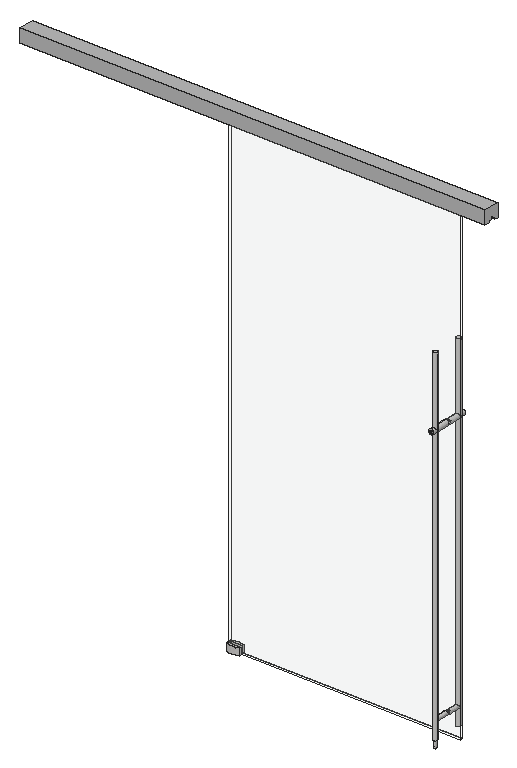
Revit family "Doors_Sliding_Avanti_Systems_Polaris-Auto-Magnetic-Slider_Single-Soffit-Mount-Sgl-Glazed", category Doors, Revit 2015
Parameters (values of type "Load Family Type Catalog")
  Youtube clip = ""
  Weight Net (Kg) = "0"
  Warranty = "1 year"  # constant formula
  Uniformat II Description = "Interior Doors"
  Uniformat II Code = "C1020"
  Uniclass 2015 Name = "Sliding door and partition sets"
  Uniclass 2015 Code = "Pr_30_59_24_80"
  Uniclass 2.0 Description = "Sliding Door And Partition Sets"
  Uniclass 2.0 Code = "PR-59-23-77"
  Uniclass 1.4 Description = "Doors"
  Uniclass 1.4 Code = "JL20"
  URL = "https://www.avantisystemsusa.com"
  UNSPSC Code = "30171501"
  Type = 1
  Thickness = if(Type = 1, 1/2", if(Type = 2, 3/8", if(Type = 3, 7/16", if(Type = 4, 9/16", 3/4"))))  # 1/2"
  Technical description = ""
  Stainless Steel Finish = "Yes"  # constant formula
  Sound Rating = 0
  Region South America = "All"
  Region Oceania = "All"
  Region North America = "All"
  Region Middle East = "All"
  Region Europe = "All"
  Region Asia = "All"
  Region Antarctica = "All"
  Region Africa = "All"
  Rail material [instance] = Polyester powder - Avanti - White aluminium METALLIC - RAL9006
  Rail Length [instance] = (Opening Width * 2) + 6 5/16"  # 80 5/16"
  QR code = "http://bimobject.com/avantisystems/product/avanti-polaris-auto-magnetic-slider"
  Product url = "https://www.avantisystemsusa.com/glass-products/doors/sliding-doors/automatic-doors/"
  Product group = "Automatic Doors"
  Product family = "Sliding Doors"
  Product data url = "https://bimobject.com/avantisystems/product/avanti-polaris-auto-magnetic-slider"
  Product certification = ""
  Product SKU = "avanti-polaris-auto-magnetic-slider"
  Product Guid = "5e847812-9909-4e74-9d64-870bde1c5a5f"
  Power = 110 V  # constant formula
  Opening Width [instance] = 37"
  OmniClass Description = "Sliding All Glass Doors"
  OmniClass Code = "23-17 11 23 13"
  Nominal width = 0"
  Nominal height = 0"
  NBS Reference Description = "Sliding Door And Partition Sets"
  NBS Reference Code = "59-23-77"
  Model = "Polaris™ Auto Magnetic Slider"  # constant formula
  Material secondary = "Aluminium"
  Material main = "Glass"
  Masterformat 2014 Description = "Sliding Aluminum-Framed Glass Doors"
  Masterformat 2014 Code = "08 32 13"
  Manufacturer name = "Avanti Systems"
  Manufacturer country = ""
  Manufacturer = "Avanti Systems USA"  # constant formula
  Lock = "Thumb turn floor lock with a key"
  Ladder Pull Height [instance] = 18"
  LEED compatibility = "LEED 2009 (v3): MRc3, MRc4, MRc5, MRc7, EQc4.2, EQc8.1 and EQc8.2. LEED v4: MRc1, MRc3, MRc4, MRc8, EQc2, EQc7 and EQc8."  # constant formula
  Installation instructions = ""
  IFC Classification = "Door"
  Hardware material [instance] = Stainless Steel - Avanti- Brushed Finish
  Handle type [instance] = Handle : 60" Ladder Pull
  Glazing = "Safety Glazing SGCC"
  Glass Width [instance] = 40"
  Glass Material = Glass - Avanti - Laminated Glass
  Glass Marker = yes
  Glass Height [instance] = 83.56029"
  Gap Thickness = if(Type = 1, (1 1/4" + 31/128"), if(Type = 2, (1 39/128" + 1/4"), if(Type = 3, (1 35/128" + 1/4"), if(Type = 4, (1 27/128" + 1/4"), (1 15/128" + 1/4")))))  # 1 63/128"
  Function = Interior
  Edition number = 1
  EAN code = ""
  Design country = "United States"
  Description = "The newset innovation in modern interior office entryway design."  # constant formula
  Date of publishing = ""
  Clear Anodic Finish = "ASTM B221 (ASTM B221M)"  # constant formula
  COBIe Type Category = ""
  Brand url = "http://www.avantisystemsusa.com/"
  BIMobject main category code = "doors"
  BIMobject main category = "Doors"
  BIMobject category code = "doors-sliding"
  BIMobject category = "Sliding"
  Analytic Construction = "<None>"
Reference planes (in)
  plane 1 "Center (Front/Back)": y = 0
  plane 2: z = 0
  plane 3 "Center (Left/Right)": x = 3.24894
  plane 4: x = -15.25106
  plane 5: x = 21.74894
  plane 6 "Top": z = 84.14172
  plane 7 "Curtain_wall_center": y = 0
  plane 8 "Curtain_wall_exterior": y = 0.25
  plane 9 "Curtain_wall_interior": y = -0.25
  plane 10 "Doors_exterior": y = 2.24219
  plane 11 "Doors_center": y = 1.99219
  plane 12 "Doors_interior": y = 1.74219
  plane 13 "Door_offset_left": x = -16.75106
  plane 14 "Door_offset_right": x = 23.24894
  plane 15 "Door_offset_top": z = 83.7122
  plane 16 "Handle_placement_top": z = 18
  plane 17 "Handle_placement_level": x = 20.74894
  plane 18: x = -14.76823
  plane 19: z = 0.15191
  plane 20: x = -51.87606
  plane 21: x = 28.43644
  plane 22: z = 51.72792
  plane 23: z = 84.69252
Forms (in)
  Extrusion 1, solid, material "Glass - Avanti - Laminated Glass" <- "Glass Material"
    sketch origin (0, 0, 0) x (1, 0, 0) y (0, 1, 0)
      loop
        line (-16.75106, 2.24219) -> (-16.75106, 1.74219) -> (23.24894, 1.74219) -> (23.24894, 2.24219) -> (-16.75106, 2.24219)
    from 0.15191 to 83.7122
  Extrusion 2, solid, material "Stainless Steel - Avanti- Brushed Finish" <- "Hardware material"
    sketch origin (0, 0, 0) x (1, 0, 0) y (0, 1, 0)
      loop
        arc (-17.01409, 1.47625) -> (-15.89116, 1.27392) -> (-14.76823, 1.47625) r 3.2173
        line (-14.76823, 1.47625) -> (-14.76823, 2.50813)
        arc (-14.76823, 2.50813) -> (-15.89116, 2.73765) -> (-17.01409, 2.50813) r 2.86168
        line (-17.01409, 2.50813) -> (-17.01409, 1.47625)
    from 0 to 1.21575
  Extrusion 3, void
    sketch origin (3.24894, 0, 0) x (0, 1, 0) y (0, 0, 1)
      loop
        line (2.24219, 1.21575) -> (1.74219, 1.21575) -> (1.74219, 0.15191) -> (2.24219, 0.15191) -> (2.24219, 1.21575)
    from -20.26303 to -18.01717
  Sweep 4, solid, material "Polyester powder - Avanti - White aluminium METALLIC - RAL9006" <- "Rail material"
    path origin (0, 0, 11.63779) x (1, 0, 0) y (0, 0, 1)
      loop
        line (28.43644, 71.5) -> (-51.87606, 71.5)
    profile origin (-11.71981, 0, 83.13779) x (0, 0, -1) y (0, -1, 0)
      loop
        line (0.76842, -0.49855) -> (-1.55473, -0.49855) -> (-1.55473, -3.25446) -> (0.76842, -3.25446) -> (0.76842, -2.6639) -> (0.37471, -2.6639) -> (0.37471, -2.24219) -> (0, -2.24219) -> (0, -1.74219) -> (0.41408, -1.74219) -> (0.41408, -1.46705) -> (0.76842, -1.46705) -> (0.76842, -0.49855)
Cuts and joins
  Extrusion 3 cuts Extrusion 2
Lines and regions (in)
  symbolic lines, style "0"
    curve 1: line (-17.01409, 1.47625, 0) -> (-17.01409, 2.50813, 0)
    curve 2: line (-14.76823, 1.47625, 0) -> (-14.76823, 2.50813, 0)
    curve 3: circle (-16.75106, 1.99219, 0) r 0.22256 normal (0, 0, 1)
    curve 4: circle (-16.75106, 1.99219, 0) r 0.13151 normal (0, 0, 1)
    curve 5: circle (-15.03126, 1.99219, 0) r 0.22256 normal (0, 0, 1)
    curve 6: circle (-15.03126, 1.99219, 0) r 0.13151 normal (0, 0, 1)
    curve 7: arc (-15.42624, 1.61788, 0) -> (-15.29429, 1.99219, 0) -> (-15.42624, 2.3665, 0) r 0.59687
    curve 8: arc (-16.35608, 2.3665, 0) -> (-16.48803, 1.99219, 0) -> (-16.35608, 1.61788, 0) r 0.59687
    curve 9: line (-14.76823, 2.3665, 0) -> (-17.01409, 2.3665, 0)
    curve 10: line (-14.76823, 1.61788, 0) -> (-17.01409, 1.61788, 0)
    curve 21: arc (-14.76823, 1.47625, 0) -> (-15.89116, 1.27392, 0) -> (-17.01409, 1.47625, 0) r 3.2173
    curve 35: line (-14.76823, 1.74219, 0) -> (23.24894, 1.74219, 0)
    curve 36: line (23.24894, 1.74219, 0) -> (23.24894, 2.24219, 0)
    curve 37: line (-14.76823, 2.24219, 0) -> (23.24894, 2.24219, 0)
    curve 38: line (3.24894, 2.24219, 0.15191) -> (3.24894, 2.24219, 83.7122)
    curve 39: line (3.24894, 1.74219, 0.15191) -> (3.24894, 2.24219, 0.15191)
    curve 40: line (3.24894, 1.74219, 83.7122) -> (3.24894, 1.74219, 0.15191)
    curve 41: arc (-14.76823, 2.50813, 0) -> (-15.89116, 2.71046, 0) -> (-17.01409, 2.50813, 0) r 3.2173
  symbolic lines, style "0", not visible
    curve 11: line (-11.39483, 5.69093, 0) -> (-11.39483, 4.65905, 0)
    curve 12: line (-13.64069, 5.69093, 0) -> (-13.64069, 4.65905, 0)
    curve 13: circle (-11.65786, 5.17499, 0) r 0.22256 normal (0, 0, 1)
    curve 14: circle (-11.65786, 5.17499, 0) r 0.13151 normal (0, 0, 1)
    curve 15: circle (-13.37767, 5.17499, 0) r 0.22256 normal (0, 0, 1)
    curve 16: circle (-13.37767, 5.17499, 0) r 0.13151 normal (0, 0, 1)
    curve 17: arc (-12.98268, 5.5493, 0) -> (-13.11464, 5.17499, 0) -> (-12.98268, 4.80068, 0) r 0.59687
    curve 18: arc (-12.05285, 4.80068, 0) -> (-11.92089, 5.17499, 0) -> (-12.05285, 5.5493, 0) r 0.59687
    curve 19: line (-13.64069, 4.80068, 0) -> (-11.39483, 4.80068, 0)
    curve 20: line (-13.64069, 5.5493, 0) -> (-11.39483, 5.5493, 0)
    curve 22: arc (-13.64069, 5.69093, 0) -> (-12.51776, 5.89326, 0) -> (-11.39483, 5.69093, 0) r 3.2173
    curve 42: arc (-13.64069, 4.65905, 0) -> (-12.51776, 4.45672, 0) -> (-11.39483, 4.65905, 0) r 3.2173
    curve 43: line (-16.88257, 1.99219, 84.14172) -> (-16.61954, 1.99219, 84.14172)
    curve 44: line (-11.52635, 5.17499, 84.14172) -> (-11.78938, 5.17499, 84.14172)
  symbolic lines, style "0", detail levels medium+fine
    curve 23: circle (20.74894, 4.5161, 0) r 0.39445 normal (0, 0, 1)
    curve 24: line (20.43894, 4.27219, 0) -> (20.43894, 2.24219, 0)
    curve 25: line (21.06195, 4.27606, 0) -> (21.06195, 2.24219, 0)
    curve 26: circle (20.74894, -0.53172, 0) r 0.39445 normal (0, 0, -1)
    curve 27: line (20.43894, -0.28782, 0) -> (20.43894, 1.74219, 0)
    curve 28: line (21.06195, -0.29169, 0) -> (21.06195, 1.74219, 0)
  symbolic lines, style "0", not visible, detail levels medium+fine
    curve 29: circle (20.74894, 4.89891, 0) r 0.39445 normal (0, 0, 1)
    curve 30: line (20.43894, 4.65501, 0) -> (20.43894, 2.625, 0)
    curve 31: line (21.06195, 4.65887, 0) -> (21.06195, 2.625, 0)
    curve 32: circle (20.74894, -0.14891, 0) r 0.39445 normal (0, 0, -1)
    curve 33: line (20.43894, 0.09499, 0) -> (20.43894, 2.125, 0)
    curve 34: line (21.06195, 0.09113, 0) -> (21.06195, 2.125, 0)
  symbolic lines, visible <- "Glass Marker"
    curve 45: line (0.42051, -0.24998, 48.8995) -> (6.07737, -0.24998, 54.55635)
    curve 46: line (3.24894, -0.24998, 49.87997) -> (5.0969, -0.24998, 51.72792)
    curve 47: line (1.40098, -0.24998, 51.72792) -> (3.24894, -0.24998, 53.57588)
  symbolic lines, not visible
    curve 48: line (1.40098, 0.25002, 51.72792) -> (5.0969, 0.25002, 51.72792)
    curve 53: line (-1.84534, 0.25002, 22.66367) -> (1.85057, 0.25002, 22.66367)
  model lines, not visible
    curve 49: line (3.24894, 0.25002, 49.87997) -> (3.24894, 0.25002, 53.57588)
    curve 54: line (0.00262, 0.25002, 20.81572) -> (0.00262, 0.25002, 24.51163)
  symbolic lines, visible <- "Glass Marker", not visible
    curve 50: line (-2.82581, -0.24998, 19.83525) -> (2.83104, -0.24998, 25.4921)
    curve 51: line (0.00262, -0.24998, 20.81572) -> (1.85057, -0.24998, 22.66367)
    curve 52: line (-1.84534, -0.24998, 22.66367) -> (0.00262, -0.24998, 24.51163)
Text (in)
  text "Exterior" at (-45.72835, 31.38743, 0), in view "Ref. Level"
Dimensions and locks (in)
  equal spacing: plane 4, plane 3 "Center (Left/Right)", plane 5  (x2)
  equal spacing: plane 8 "Curtain_wall_exterior", plane 7 "Curtain_wall_center", plane 9 "Curtain_wall_interior"
  equal spacing: plane 10 "Doors_exterior", plane 11 "Doors_center", plane 12 "Doors_interior"
  "Gap Thickness": plane 12 "Doors_interior" to plane 8 "Curtain_wall_exterior"
  locked: plane 5 to plane 14 "Door_offset_right" at 1.5
  locked: plane 13 "Door_offset_left" to plane 4 at 1.5
  "Thickness": plane 10 "Doors_exterior" to plane 12 "Doors_interior"
  "Thickness": plane 8 "Curtain_wall_exterior" to plane 9 "Curtain_wall_interior"
  "Ladder Pull Height": plane 2 to plane 16 "Handle_placement_top"
  locked: plane 17 "Handle_placement_level" to plane 14 "Door_offset_right" at 2.5
  equal spacing: plane 13 "Door_offset_left", plane 3 "Center (Left/Right)", plane 14 "Door_offset_right"
  "Opening Width": plane 4 to plane 5
  locked: plane 4 to plane 18 at 0.48283
  locked: plane 17 "Handle_placement_level" to curve 25 at 0.31301
  locked: plane 17 "Handle_placement_level" to curve 28 at 0.31301
  Extrusion 1 to Extrusion 1 = 1/2"
  locked: plane 5 to plane 21 at 6.6875
  "Rail Length": plane 20 to plane 21
  plane 10 "Doors_exterior" to plane 12 "Doors_interior" = 1/2"
  locked: nested 3 to curve 48 at 7
  locked: plane 2 to plane 19 at 0.15191
  "Glass Height": plane 19 to plane 15 "Door_offset_top"
  "Glass Width": plane 13 "Door_offset_left" to plane 14 "Door_offset_right"
  plane 15 "Door_offset_top" to plane 6 "Top" to plane 23 = 0.42951" locked, 141/256" locked
  aligned and locked: level to plane 2
  aligned and locked: Extrusion 1 sketch curve to plane 10 "Doors_exterior"
  aligned and locked: Extrusion 1 sketch curve to plane 13 "Door_offset_left"
  aligned and locked: plane 12 "Doors_interior" to Extrusion 1 sketch curve
  aligned and locked: plane 14 "Door_offset_right" to Extrusion 1 sketch curve
  aligned and locked: plane 15 "Door_offset_top" to Extrusion 1
  aligned and locked: plane 10 "Doors_exterior" to curve 25
  aligned and locked: plane 10 "Doors_exterior" to curve 24
  aligned and locked: plane 12 "Doors_interior" to curve 28
  aligned and locked: plane 12 "Doors_interior" to curve 27
  aligned and locked: plane 10 "Doors_exterior" to Extrusion 3 sketch curve
  aligned and locked: Extrusion 3 sketch curve to plane 12 "Doors_interior"
  aligned and locked: Extrusion 2 to Extrusion 3 sketch curve
  aligned and locked: curve 38 to Extrusion 1
  aligned and locked: curve 39 to cut or joined group of Extrusion 2, Extrusion 3
  aligned and locked: curve 40 to cut or joined group of Extrusion 2, Extrusion 3
  aligned and locked: cut or joined group of Extrusion 2, Extrusion 3 to plane 2
  aligned and locked: plane 21 to Sweep 4 sketch curve
  aligned and locked: plane 20 to Sweep 4 sketch curve
  aligned and locked: Sweep 4 sketch curve to nested 1  (x4)
  aligned and locked: cut or joined group of Extrusion 2, Extrusion 3 to plane 18
  aligned and locked: plane 15 "Door_offset_top" to curve 38
  aligned and locked: plane 15 "Door_offset_top" to curve 40
  aligned and locked: curve 43 to plane 11 "Doors_center"
  aligned and locked: Extrusion 1 to cut or joined group of Extrusion 2, Extrusion 3
  aligned and locked: plane 22 to curve 48
  aligned and locked: plane 3 "Center (Left/Right)" to curve 49
  aligned and locked: plane 11 "Doors_center" to nested 1
  aligned and locked: Sweep 4 sketch curve to plane 10 "Doors_exterior"
  aligned and locked: plane 12 "Doors_interior" to Sweep 4 sketch curve
  aligned and locked: plane 3 "Center (Left/Right)" to nested 2
  aligned and locked: plane 3 "Center (Left/Right)" to nested 3
  aligned and locked: plane 19 to Extrusion 1
  aligned and locked: plane 23 to nested 1
  aligned and locked: Sweep 4 to plane 23
  aligned and locked: curve 1 to cut or joined group of Extrusion 2, Extrusion 3
  aligned and locked: plane 17 "Handle_placement_level" to nested 4
  aligned and locked: plane 2 to nested 4
  aligned and locked: plane 10 "Doors_exterior" to nested 4
Automatic sketch dimensions
  curve 35 to plane 12 "Doors_interior" = 0"
  curve 35 to plane 18 = 0"
  curve 37 to plane 10 "Doors_exterior" = 0"
  curve 37 to plane 18 = 0"
  Extrusion 2 sketch curve to plane 18 = 0"
  plane 4 to Extrusion 2 sketch curve = 0.6401"  (x2)
  plane 1 "Center (Front/Back)" to Extrusion 2 sketch curve = 0.12403"
  plane 13 "Door_offset_left" to Extrusion 2 sketch curve = 0.26303"
  Extrusion 2 sketch curve to plane 12 "Doors_interior" = 0.26594"
  plane 10 "Doors_exterior" to Extrusion 2 sketch curve = 0.26594"
  plane 10 "Doors_exterior" to Extrusion 2 sketch curve = 2.24903"
  curve 3 to curve 4 = 0"  (x4)
  curve 5 to curve 6 = 0"  (x4)
  curve 7 to curve 8 = 0"  (x4)
  curve 9 to curve 6 = 0.26303"
  curve 5 to curve 8 = 0.8599"
  curve 2 to curve 21 = 1.12293"
  curve 3 to curve 1 = 0.26303"
  curve 21 to curve 5 = 2.49903"
  curve 7 to curve 5 = 0"
  curve 4 to curve 7 = 0"
  curve 3 to curve 1 = 0.51594"
  curve 21 to curve 41 = 1.98308"
  curve 5 to curve 7 = 0.39498"  (x2)
  curve 8 to curve 3 = 0.39498"
  curve 2 to curve 5 = 0.51594"
  curve 1 to curve 3 = 0.51594"
  curve 41 to curve 9 = 0.14163"
  level to Extrusion 3 sketch curve = 0.15191"
  curve 41 to curve 8 = 0.46492"
  curve 13 to curve 14 = 0"  (x4)
  curve 15 to curve 16 = 0"  (x4)
  curve 17 to curve 18 = 0"  (x4)
  curve 19 to curve 16 = 0.26303"
  curve 15 to curve 18 = 0.8599"
  curve 12 to curve 22 = 1.12293"
  curve 13 to curve 11 = 0.26303"
  curve 22 to curve 15 = 2.49903"
  curve 17 to curve 15 = 0"
  curve 14 to curve 17 = 0"
  curve 13 to curve 11 = 0.51594"
  curve 22 to curve 42 = 1.98308"
  curve 15 to curve 17 = 0.39498"  (x2)
  curve 18 to curve 13 = 0.39498"
  curve 12 to curve 15 = 0.51594"
  curve 11 to curve 13 = 0.51594"
  curve 42 to curve 19 = 0.14163"
  curve 42 to curve 18 = 0.46492"
  Sweep 4 sketch curve to profile plane = 0"
  Sweep 4 sketch curve to Sweep 4 sketch curve = 0.39371"
  Sweep 4 sketch curve to Sweep 4 sketch curve = 0.35434"
  plane 6 "Top" to Sweep 4 sketch curve = 1 1/256"
  curve 43 to curve 43 = 0.26303"
  curve 44 to curve 44 = 0.26303"
  profile plane to Sweep 4 sketch curve = 1.55473"
  Sweep 4 sketch curve to profile plane = 0.37471"
  Sweep 4 sketch curve to profile plane = 53/128"
  curve 36 to plane 14 "Door_offset_right" = 0"
  radius of curve 3 = 0.22256"
  radius of curve 4 = 0.13151"
  radius of curve 5 = 0.22256"
  radius of curve 6 = 0.13151"
  radius of curve 13 = 0.22256"
  radius of curve 14 = 0.13151"
  radius of curve 15 = 0.22256"
  radius of curve 16 = 0.13151"
Nested families (in)
  nested 1: "Rail-Detail" at (3.24894, 1.91833, 83.51141) x (0, 1, 0) z (1, 0, 0), type "Rail-Detail"
    with Thickness 1/2", Half Thickness 1/4"
  nested 2: "Arrow" at (3.24894, 5.3665, 0), type "arrow"
  nested 3: "Arrow" at (3.24894, 0, 58.72792) x (1, 0, 0) z (0, -1, 0), type "arrow"
  nested 4: "Handle" at (22.37394, 3.61719, 38) x (-1, 0, 0) z (0, 1, 0), type <- "Handle type", type "60" Ladder Pull", detail levels medium+fine
    with Locker yes
Definition of nested family "Handle"
  Parameters (values of type "48" Ladder Pull")
    Width = 54.28299"
    Type = 3
    Ladder Pool Height = 18"
    Ladder 60" = if(Type = 5, 1 = 1, 1 = 0)  # no
    Ladder = if(Type = 3, 1 = 1, 1 = 0)  # yes
    Thickness = 1/2"
    Panic hardware = if(Type = 4, 1 = 1, 1 = 0)  # no
    Material = none
    Locker [instance] = yes
    Height = 90 9/16"
    Glass door = if(Type = 2, 1 = 1, 1 = 0)  # no
    Framed door = if(Type = 1, 1 = 1, 1 = 0)  # no
    Default Elevation = 48"
  Types (2): name | Type | Ladder 60" | Ladder
    60" Ladder Pull | 5 | yes | no
    48" Ladder Pull | 3 | no | yes
  Reference planes (in)
    plane 1 "Center (Front/Back)": y = 0
    plane 2: z = 0
    plane 3 "Center (Left/Right)": x = 0
    plane 4 "door_up": z = -1.375
    plane 5 "door_down": z = -1.875
    plane 6: z = -3.25
    plane 7: x = -1.25
    plane 8: x = -43.31449
    plane 9: x = -46.03299
    plane 10: x = -43.31449
    plane 11: y = 51.9375
    plane 12: y = 0.625
    plane 13: y = 11.125
    plane 14: y = 52.5625
    plane 15: y = -38
    plane 16: x = -50.15799
    plane 17 "door": x = 4.125
    plane 18: x = 1.625
    plane 19: y = -20
  Forms (in)
    Sweep 1, solid, material <- "Material", visible <- "Panic hardware"
      path origin (0, 0, 0) x (1, 0, 0) y (0, 1, 0)
        loop
          line (-1.25, 51.9375) -> (-1.25, 4.25)
          arc (-1.25, 4.25) -> (-2.12868, 2.12868) -> (-4.25, 1.25) r 3
          line (-4.25, 1.25) -> (-43.31449, 1.25)
      profile origin (-1.25, 28.09375, 0) x (1, 0, 0) y (0, 0, 1)
        loop
          circle (0.625, 0.625) r 0.625
    Sweep 2, solid, material <- "Material", visible <- "Panic hardware"
      path origin (0, 0, 0) x (1, 0, 0) y (0, 0, 1)
        loop
          line (-43.31449, 0) -> (-44.06449, 0)
          arc (-44.06449, 0) -> (-44.57255, -0.21044) -> (-44.78299, -0.7185) r 0.7185
          line (-44.78299, -0.7185) -> (-44.78299, -1.375)
      profile origin (-43.68949, 0, 0) x (0, 0, -1) y (0, -1, 0)
        loop
          circle (-0.625, -0.625) r 0.625
    Sweep 3, solid, material <- "Material", visible <- "Panic hardware"
      path origin (0, 0, -6.75) x (1, 0, 0) y (0, 0, -1)
        loop
          line (-43.31449, -3.5) -> (-44.06449, -3.5)
          arc (-44.06449, -3.5) -> (-44.57255, -3.71044) -> (-44.78299, -4.2185) r 0.7185
          line (-44.78299, -4.2185) -> (-44.78299, -4.875)
      profile origin (-43.68949, 0, -3.25) x (0, 0, -1) y (0, -1, 0)
        loop
          circle (0.625, -0.625) r 0.625
    Sweep 4, solid, material <- "Material", visible <- "Panic hardware"
      path origin (-30, 0, -6.75) x (-1, 0, 0) y (0, 0, -1)
        loop
          line (13.31449, -3.5) -> (-28.0315, -3.5)
          arc (-28.0315, -3.5) -> (-28.53956, -3.71044) -> (-28.75, -4.2185) r 0.7185
          line (-28.75, -4.2185) -> (-28.75, -4.875)
      profile origin (-22.6415, 0, -3.25) x (0, 0, 1) y (0, -1, 0)
        loop
          circle (-0.625, -0.625) r 0.625
  Cuts and joins
    joined: Sweep 1, Sweep 2
    joined: Sweep 3, Sweep 4
  Dimensions and locks (in)
    "Thickness": plane 5 "door_down" to plane 4 "door_up"
    locked: plane 3 "Center (Left/Right)" to plane 7 at 1.25
    locked: plane 9 to plane 8 at 2.7185
    locked: plane 9 to Sweep 3 sketch curve at 1.25
    locked: Sweep 2 sketch curve to plane 9 at 1.25
    locked: plane 10 to plane 9 at 2.7185
    locked: Sweep 1 sketch curve to plane 1 "Center (Front/Back)" at 1.25
    locked: plane 3 "Center (Left/Right)" to nested 1 at 0.125
    locked: plane 4 "door_up" to plane 2 at 1.375
    locked: plane 6 to plane 5 "door_down" at 1.375
    locked: plane 12 to plane 1 "Center (Front/Back)" at 0.625
    locked: plane 13 to plane 12 at 10.5
    locked: plane 14 to plane 11 at 0.625
    "Height": plane 14 to plane 15
    locked: plane 1 "Center (Front/Back)" to plane 15 at 38
    locked: plane 3 "Center (Left/Right)" to plane 17 "door" at 4.125
    "Width": plane 16 to plane 17 "door"
    locked: plane 16 to plane 10 at 6.8435
    locked: plane 18 to plane 17 "door" at 2.5
    "Ladder Pool Height": plane 19 to plane 15
    aligned and locked: level to plane 2
    aligned and locked: plane 4 "door_up" to cut or joined group of Sweep 1, Sweep 2
    aligned and locked: Sweep 2 sketch curve to plane 4 "door_up"
    aligned and locked: Sweep 3 sketch curve to plane 5 "door_down"
    aligned and locked: plane 6 to Sweep 3 sketch curve
    aligned and locked: plane 7 to Sweep 4 sketch curve
    aligned and locked: Sweep 4 sketch curve to plane 6
    aligned and locked: plane 8 to Sweep 4 sketch curve
    aligned and locked: plane 8 to Sweep 3 sketch curve
    aligned and locked: plane 10 to Sweep 2 sketch curve
    aligned and locked: plane 10 to Sweep 1 sketch curve
    aligned and locked: plane 11 to Sweep 1 sketch curve
    aligned and locked: plane 5 "door_down" to Sweep 4 sketch curve
    aligned and locked: nested 1 to plane 4 "door_up"
    aligned and locked: plane 13 to nested 1
    aligned and locked: nested 2 to plane 4 "door_up"
    aligned and locked: plane 3 "Center (Left/Right)" to nested 2
    aligned and locked: nested 2 to plane 11
    aligned and locked: nested 2 to plane 14
    aligned and locked: plane 18 to nested 3
    aligned and locked: plane 1 "Center (Front/Back)" to nested 3
    aligned and locked: nested 4 to plane 18
    aligned and locked: nested 4 to plane 1 "Center (Front/Back)"
    aligned and locked: nested 5 to plane 4 "door_up"
    aligned and locked: nested 5 to plane 17 "door"
    aligned and locked: nested 5 to plane 1 "Center (Front/Back)"
    aligned and locked: nested 6 to plane 4 "door_up"
    aligned and locked: plane 5 "door_down" to nested 7
    aligned and locked: nested 7 to plane 19
    aligned and locked: plane 19 to nested 6
    aligned and locked: nested 6 to plane 18
    aligned and locked: nested 7 to plane 18
    aligned and locked: plane 4 "door_up" to nested 8
    aligned and locked: plane 15 to nested 8
    aligned and locked: plane 5 "door_down" to nested 9
    aligned and locked: nested 9 to plane 15
    aligned and locked: plane 18 to nested 8
    aligned and locked: plane 18 to nested 9
  Nested families (in)
    nested 1: "Family2" at (-1.125, 11.125, 0.22234), visible <- "Panic hardware", type "Family2"
      with Lock yes
    nested 2: "Family3" at (-0.26102, 51.9375, -1.63602), visible <- "Panic hardware", type "Family3"
      with Thickness 1/2"
    nested 3: "Handle Timber" at (1.625, 0, -1.875), Locker <- "Locker", visible <- "Framed door", type "Handle Timber"
      with Locker yes
    nested 4: "Handle Timber" at (1.625, 0, -1.375) x (1, 0, 0) z (0, 0, -1), Locker <- "Locker", visible <- "Framed door", type "Handle Timber"
      with Locker yes
    nested 5: "Hinged Framed Swing locker" at (3.22214, -1.5625, -5.625), Handle and assembly material <- "Material", visible <- "Glass door", type "Hinged Framed Swing locker"
      with Handle and assembly material none
    nested 6: "Handle_For-Glass_Rounded_600mm" at (1.625, 13.36577, -1.375) x (-1, 0, 0) z (0, 0, -1), Handle Material <- "Material", visible <- "Ladder", type "Handle_For-Glass_Rounded_600mm"
      with Handle Material none, Handle Height 48"
    nested 7: "Handle_For-Glass_Rounded_600mm" at (1.625, -5.36577, -1.875) x (-1, 0, 0) z (0, 0, 1), Handle Material <- "Material", visible <- "Ladder", type "Handle_For-Glass_Rounded_600mm"
      with Handle Material none, Handle Height 48"
    nested 8: "Handle_For-Glass_Rounded_60in" at (1.625, 2.47039, -1.375), visible <- "Ladder 60"", Handle Material <- "Material", type "60""
      with No locker yes, Locker no, Handle Material none, Handle Height 60"
    nested 9: "Handle_For-Glass_Rounded_60in2" at (1.625, 2.47039, -1.875), visible <- "Ladder 60"", Handle Material <- "Material", type "60""
      with No locker no, Locker yes, Handle Material none, Handle Height 60"
  Definition of nested family "Family2"
    Parameters (values of type "Family2")
      Thickness = 1/2"
      Material = none
      Lock = no
    Reference planes (in)
      plane 1 "Center (Front/Back)": y = 0
      plane 2: z = 0
      plane 3 "Center (Left/Right)": x = 0
      plane 4: z = -2.09734
      plane 5: z = -1.59734
    Forms (in)
      Extrusion 1, solid, material <- "Material"
        sketch origin (0, 0, 0) x (0, 1, 0) y (0, 0, 1)
          loop
            line (5.04078, -0.345) -> (5.04078, 0) -> (-2.39922, 0) -> (-2.39922, -0.345) -> (5.04078, -0.345)
        from 0 to 1
      Extrusion 2, solid, material <- "Material"
        sketch origin (0, 0, 0) x (0, 1, 0) y (0, 0, 1)
          loop
            line (-0.3074, -0.345) -> (-1.4374, -0.345) -> (-1.4374, -1.31734) -> (-0.3074, -1.31734) -> (-0.3074, -0.345)
        from 0.32565 to 0.66353
      Extrusion 3, solid, material <- "Material"
        sketch origin (0, 0, 0) x (0, 1, 0) y (0, 0, 1)
          loop
            line (-1.4374, -1.31734) -> (-1.4374, -1.59734) -> (1.43807, -1.59734) -> (1.43807, -1.31734) -> (-1.4374, -1.31734)
          loop
            line (1.45803, -2.09734) -> (-1.41697, -2.09734) -> (-1.41697, -3.82961)
            arc (-1.41697, -3.82961) -> (-1.36191, -3.96254) -> (-1.22897, -4.01761) r 0.188
            line (-1.22897, -4.01761) -> (1.27003, -4.01761)
            arc (1.27003, -4.01761) -> (1.40297, -3.96254) -> (1.45803, -3.82961) r 0.188
            line (1.45803, -3.82961) -> (1.45803, -2.09734)
        from 0 to 1
      Extrusion 4, solid, material <- "Material"
        sketch origin (0, 0, 0) x (0, 1, 0) y (0, 0, 1)
          loop
            arc (-3.2641, -0.65221) -> (-3.242, -0.64306) -> (-3.23285, -0.62096) r 0.03125
            line (-3.23285, -0.62096) -> (-3.23285, 0) -> (-3.4516, 0) -> (-3.4516, -0.62096)
            arc (-3.4516, -0.62096) -> (-3.44244, -0.64306) -> (-3.42035, -0.65221) r 0.03125
            line (-3.42035, -0.65221) -> (-3.2641, -0.65221)
        from 0.32565 to 0.66353
      Extrusion 5, solid, material <- "Material", visible <- "Lock"
        sketch origin (1, 0, 0) x (0, 1, 0) y (0, 0, 1)
          loop
            circle (0.20853, -3.12734) r 0.58
          loop
            circle (0.20853, -3.12734) r 0.5625
          loop
            circle (-0.07272, -3.12734) r 0.22671
        from 0 to 0.25
      Extrusion 6, solid, material <- "Material", visible <- "Lock"
        sketch origin (1, 0, 0) x (0, 1, 0) y (0, 0, 1)
          loop
            circle (0.20853, -3.12734) r 0.5625
        from 0 to 0.20472
      Extrusion 7, solid, material <- "Material", visible <- "Lock", not visible
        sketch origin (1, 0, 0) x (0, 1, 0) y (0, 0, 1)
          loop
            circle (0.20853, -3.12734) r 0.58
          loop
            circle (0.20853, -3.12734) r 0.5625
          loop
            circle (-0.07272, -3.12734) r 0.22671
        from 0 to 0.25
      Extrusion 8, solid, material <- "Material", visible <- "Lock", not visible
        sketch origin (1, 0, 0) x (0, 1, 0) y (0, 0, 1)
          loop
            circle (0.20853, -3.12734) r 0.5625
        from 0 to 0.20472
    Lines and regions (in)
      model lines, not visible
        curve 1: line (0, -0.35397, -3.12734) -> (0, 0.39603, -3.12734)
        curve 2: line (0, -0.35397, -3.12734) -> (0, 0.39603, -3.12734)
    Dimensions and locks (in)
      "Thickness": plane 4 to plane 5
      locked: plane 5 to plane 2 at 1.59734
      aligned and locked: level to plane 2
      aligned and locked: plane 5 to Extrusion 3 sketch curve
      aligned and locked: Extrusion 3 sketch curve to Extrusion 2
      aligned and locked: Extrusion 3 sketch curve to plane 4
  Definition of nested family "Family3"
    Parameters (values of type "Family3")
      Thickness = 0.50125"
      Material = none
    Reference planes (in)
      plane 1 "Center (Front/Back)": y = 0
      plane 2: z = 0
      plane 3 "Center (Left/Right)": x = 0
      plane 4: z = 0.26102
      plane 5: z = -0.24023
    Forms (in)
      Extrusion 1, solid, material <- "Material"
        sketch origin (-0.98898, 0.625, 0.26102) x (0, 0, -1) y (0, 1, 0)
          loop
            line (-0.28125, 0.125) -> (-0.28125, -2.375) -> (0, -2.375) -> (0, 0) -> (0.50125, 0) -> (0.50125, -2.37518) -> (0.78125, -2.37518) -> (0.78125, 0.125) -> (-0.28125, 0.125)
        from 0 to 1.25
      Revolve 2, solid, material <- "Material"
        sketch origin (-0.36398, 0.615, 0.26102) x (0, 0, -1) y (0, 1, 0)
          loop
            line (-0.28125, -0.615) -> (-1.5092, -0.615) -> (-1.5092, -0.995) -> (-0.28125, -0.995) -> (-0.28125, -0.615)
          axis (-1.5092, -0.995) -> (-0.28125, -0.995)
        angle from 0 to 360
    Dimensions and locks (in)
      "Thickness": plane 4 to plane 5
      locked: Extrusion 1 to plane 4 at 0.28125
      locked: plane 5 to Extrusion 1 at 0.28
      aligned and locked: level to plane 2
      aligned and locked: Extrusion 1 to plane 4
      aligned and locked: plane 5 to Extrusion 1
  Definition of nested family "Handle Timber"
    Parameters (values of type "Handle Timber")
      Locker [instance] = yes
      Handle material = none
      Default Elevation = 48"
    Reference planes (in)
      plane 1 "Center (Front/Back)": y = 0
      plane 2: z = 0
      plane 3 "Center (Left/Right)": x = 0
    Forms (in)
      Extrusion 1, solid, material <- "Handle material"
        sketch origin (0, 0.00944, 0.00975) x (-1, 0, 0) y (0, -1, 0.00026)
          loop
            line (0.82036, -6.01526) -> (0.82036, -4.11121)
            arc (0.82036, -4.11121) -> (0, -3.29085) -> (-0.82036, -4.11121) r 0.82036
            line (-0.82036, -4.11121) -> (-0.82036, -6.01526)
            arc (-0.82036, -6.01526) -> (0, -6.83563) -> (0.82036, -6.01526) r 0.82036
          loop
            line (0.82036, -0.95129) -> (0.82036, 0.95276)
            arc (0.82036, 0.95276) -> (0, 1.77313) -> (-0.82036, 0.95276) r 0.82036
            line (-0.82036, 0.95276) -> (-0.82036, -0.95129)
            arc (-0.82036, -0.95129) -> (0, -1.77165) -> (0.82036, -0.95129) r 0.82036
        from -0.36 to -0.00798
      Sweep 2, solid, material <- "Handle material"
        path origin (0, 0.00944, 0.00975) x (-1, 0, 0) y (0, 0.00026, 1)
          loop
            line (0.00372, -0.36) -> (0.00372, -2.13165)
            arc (0.00372, -2.13165) -> (0.19244, -2.58727) -> (0.64805, -2.77599) r 0.64433
            line (0.64805, -2.77599) -> (4.19136, -2.77599)
            arc (4.19136, -2.77599) -> (4.78191, -2.53137) -> (5.02652, -1.94082) r 0.83517
            line (5.02652, -1.94082) -> (5.02652, -0.63757)
        profile origin (-0.00372, 0.00911, -1.23607) x (-1, 0, 0) y (0, 1, -0.00026)
          loop
            circle (0, 0) r 0.3937
      Extrusion 3, solid, material <- "Handle material", visible <- "Locker"
        sketch origin (0, 0.00944, 0.00975) x (-1, 0, 0) y (0, -1, 0.00026)
          loop
            line (0.82009, 4.11958) -> (0.82408, 6.02363)
            arc (0.82408, 6.02363) -> (0.00543, 6.84571) -> (-0.81665, 6.02706) r 0.82036
            line (-0.81665, 6.02706) -> (-0.82063, 4.12301)
            arc (-0.82063, 4.12301) -> (-0.00199, 3.30093) -> (0.82009, 4.11958) r 0.82036
        from -0.36 to -0.01061
    Lines and regions (in)
      reference lines
        curve 1: line (0, 6.84506, 0) -> (0, -6.83627, 0)
        curve 2: line (-5.42022, 0.00893, 0) -> (0.82036, 0.00893, 0)
    Dimensions and locks (in)
      aligned and locked: level to plane 2
  Definition of nested family "Hinged Framed Swing locker"
    Parameters (values of type "Hinged Framed Swing locker")
      Thickness = 1/2"
      Lock = yes
      Handle and assembly material [instance] = none
    Reference planes (in)
      plane 1 "Center (Front/Back)": y = 0
      plane 2: z = 0
      plane 3 "Center (Left/Right)": x = 0
      plane 4: y = 0.59375
      plane 5: y = -0.59375
      plane 6: x = -1
      plane 7: x = 1
      plane 8: y = 0.25
      plane 9: y = -0.25
      plane 10: x = 1.5
      plane 11: z = 8
      plane 12: z = 4.6875
      plane 13: z = 3.6875
      plane 14: z = 3.125
      plane 15: x = 1.38539
      plane 16: z = 2.79297
      plane 17: y = 0.25
      plane 18: y = -0.25
      plane 19: x = 0.90286
      plane 20: z = 6.0625
      plane 21: y = -0.84375
      plane 22: y = -0.80275
      plane 23 "handle_center": z = 2.4375
      plane 24: x = -4.375
      plane 25: y = -1.23355
      plane 26: z = 2.69544
      plane 27: z = 2.17956
      plane 28: y = -2.05222
      plane 29: y = -2.71875
      plane 30: z = 2.69544
      plane 31: z = 2.17956
      plane 32: z = 4.25
      plane 33: z = 3.75
      plane 34: z = 4
    Forms (in)
      Extrusion 1, solid, material <- "Handle and assembly material"
        sketch origin (0, -4, 4) x (1, 0, 0) y (0, 0, -1)
          loop
            line (-1, 0.59375) -> (-1, 0.25) -> (0.90286, 0.25) -> (0.90286, -0.25) -> (-1, -0.25) -> (-1, -0.59375) -> (1, -0.59375) -> (1, 0.59375) -> (-1, 0.59375)
        from 0 to 8
      Extrusion 2, solid, material <- "Handle and assembly material", detail levels fine
        sketch origin (0, -4, 4) x (1, 0, 0) y (0, 0, -1)
          loop
            line (1, 0.25) -> (1, -0.25)
            arc (1, -0.25) -> (1.27121, -0.02121) -> (1.5, 0.25) r 2.09856
            line (1.5, 0.25) -> (1, 0.25)
        from 3.6875 to 4.6875
      Extrusion 3, solid, material <- "Handle and assembly material", detail levels fine
        sketch origin (0, -4, 4) x (1, 0, 0) y (0, 0, -1)
          loop
            line (1, 0.25) -> (1, -0.25)
            arc (1, -0.25) -> (1.0598, -0.20427) -> (1.0921, -0.13627) r 0.16012
            arc (1.0921, -0.13627) -> (1.11202, -0.10046) -> (1.14874, -0.08227) r 0.06897
            line (1.14874, -0.08227) -> (1.30312, -0.08227)
            arc (1.30312, -0.08227) -> (1.36129, -0.05818) -> (1.38539, 0) r 0.08227
            arc (1.38539, 0) -> (1.36129, 0.05818) -> (1.30312, 0.08227) r 0.08227
            line (1.30312, 0.08227) -> (1.14874, 0.08227)
            arc (1.14874, 0.08227) -> (1.11202, 0.10046) -> (1.0921, 0.13627) r 0.06897
            arc (1.0921, 0.13627) -> (1.0598, 0.20427) -> (1, 0.25) r 0.16012
        from 2.79297 to 3.125
      Extrusion 4, solid, material <- "Handle and assembly material", visible <- "Lock", detail levels medium+fine
        sketch origin (1, -4, 4.59375) x (-1, 0, 0) y (0, -1, 0)
          loop
            circle (1, -6.0625) r 0.63654
          loop
            circle (1, -6.0625) r 0.60041
        from 0 to 0.25
      Extrusion 5, solid, material <- "Handle and assembly material", visible <- "Lock", detail levels medium+fine
        sketch origin (1, -4, 4.59375) x (-1, 0, 0) y (0, -1, 0)
          loop
            circle (1, -6.0625) r 0.60041
        from 0 to 0.209
      Blend 6, solid, material <- "Handle and assembly material", visible <- "Lock", detail levels fine
        base sketch origin (1, -4, 4.80275) x (-1, 0, 0) y (0, -1, 0)
          loop
            circle (1, -5.84645) r 0.21605
        top sketch origin (1, -4, 4.80275) x (-1, 0, 0) y (0, -1, 0)
          loop
            circle (1, -5.84645) r 0.19257
        from 0 to 0.041
      Extrusion 7, solid, material <- "Handle and assembly material"
        sketch origin (1, -4, 4.59375) x (-1, 0, 0) y (0, -1, 0)
          loop
            circle (1, -2.4375) r 0.35547
        from 0 to 1.45847
      Extrusion 8, void
        sketch origin (0.04357, -4.04543, 4) x (0, 0, -1) y (-0.017452, 0.999848, 0)
          loop
            line (-1.23355, 2.79297) -> (-1.23355, 2.90667) -> (-2.86779, 2.90667) -> (-2.86779, 2.69544) -> (-1.36779, 2.69544)
            arc (-1.36779, 2.69544) -> (-1.28242, 2.71908) -> (-1.23355, 2.79297) r 0.12635
        from -3.60215 to 0.49573
      Extrusion 9, solid, material <- "Handle and assembly material"
        sketch origin (1, -4, 4.59375) x (-1, 0, 0) y (0, -1, 0)
          loop
            arc (0.71851, -2.22043) -> (0.66353, -2.32283) -> (0.64453, -2.4375) r 0.35547
            arc (0.64453, -2.4375) -> (0.66353, -2.55217) -> (0.71851, -2.65457) r 0.35547
            line (0.71851, -2.65457) -> (5.3098, -2.57443) -> (5.375, -2.50923) -> (5.375, -2.36577) -> (5.3098, -2.30057) -> (0.71851, -2.22043)
        from 1.45847 to 2.125
      Extrusion 10, void
        sketch origin (0.04357, 0.92043, 4) x (0, 0, -1) y (0.017452, 0.999848, 0)
          loop
            arc (-1.23355, -2.79297) -> (-1.28242, -2.71908) -> (-1.36779, -2.69544) r 0.12635
            line (-1.36779, -2.69544) -> (-2.86779, -2.69544) -> (-2.86779, -2.90667) -> (-1.23355, -2.90667) -> (-1.23355, -2.79297)
        from -3.60215 to 0.49573
      Extrusion 11, solid, material <- "Handle and assembly material"
        sketch origin (1, -4, 3.40625) x (0, 1, 0) y (1, 0, 0)
          loop
            circle (2.4375, -1) r 0.35547
        from 0 to 1.45847
      Extrusion 12, void
        sketch origin (0.04357, -4.04543, 4) x (0, 0, 1) y (0.017452, -0.999848, 0)
          loop
            arc (-1.23355, -2.79297) -> (-1.28242, -2.71908) -> (-1.36779, -2.69544) r 0.12635
            line (-1.36779, -2.69544) -> (-2.86779, -2.69544) -> (-2.86779, -2.90667) -> (-1.23355, -2.90667) -> (-1.23355, -2.79297)
        from -3.60215 to 0.49573
      Extrusion 13, solid, material <- "Handle and assembly material"
        sketch origin (1, -4, 3.40625) x (0, 1, 0) y (1, 0, 0)
          loop
            line (2.22043, -0.71851) -> (2.30057, -5.3098) -> (2.36577, -5.375) -> (2.50923, -5.375) -> (2.57443, -5.3098) -> (2.65457, -0.71851)
            arc (2.65457, -0.71851) -> (2.55217, -0.66353) -> (2.4375, -0.64453) r 0.35547
            arc (2.4375, -0.64453) -> (2.32283, -0.66353) -> (2.22043, -0.71851) r 0.35547
        from 1.45847 to 2.125
      Extrusion 14, void
        sketch origin (0.04357, 0.92043, 4) x (0, 0, 1) y (-0.017452, -0.999848, 0)
          loop
            line (-1.23355, 2.79297) -> (-1.23355, 2.90667) -> (-2.86779, 2.90667) -> (-2.86779, 2.69544) -> (-1.36779, 2.69544)
            arc (-1.36779, 2.69544) -> (-1.28242, 2.71908) -> (-1.23355, 2.79297) r 0.12635
        from -3.60215 to 0.49573
    Cuts and joins
      Extrusion 8, Extrusion 10, Extrusion 12, Extrusion 14 cuts Extrusion 7
      Extrusion 10, Extrusion 12, Extrusion 14 cuts Extrusion 9
      joined: Extrusion 7, Extrusion 9
      Extrusion 12, Extrusion 14 cuts Extrusion 11
      Extrusion 12 cuts Extrusion 13
      joined: Extrusion 11, Extrusion 13
    Lines and regions (in)
      reference lines
        curve 1: line (0.35547, -1.5625, 0) -> (-4.39453, -1.5625, 0)
    Dimensions and locks (in)
      plane 4 to plane 5 = 1 3/16"
      plane 6 to plane 7 = 2"
      plane 11 to plane 2 = 8"
      plane 11 to plane 12 to plane 13 to plane 14 to plane 16 = 3 5/16" locked, 1" locked, 9/16" locked, 85/256" locked
      equal spacing: plane 17, plane 1 "Center (Front/Back)", plane 18
      "Thickness": plane 17 to plane 18
      locked: plane 19 to plane 7 at 0.09714
      locked: plane 15 to plane 10 at 0.11461
      equal spacing: plane 6, plane 3 "Center (Left/Right)", plane 7
      locked: plane 11 to plane 20 at 1.9375
      locked: plane 5 to plane 21 at 0.25
      locked: plane 22 to plane 21 at 0.041
      locked: plane 11 to plane 23 "handle_center" at 5.5625
      locked: plane 24 to plane 7 at 5.375
      locked: plane 5 to plane 29 at 2.125
      "Thickness": plane 32 to plane 33
      locked: Extrusion 1 to plane 32 at 0.34375
      locked: plane 33 to Extrusion 1 at 0.34375
      aligned and locked: level to plane 2
      aligned and locked: Extrusion 1 sketch curve to plane 6  (x2)
      aligned and locked: plane 7 to Extrusion 1 sketch curve
      aligned and locked: plane 7 to Extrusion 3 sketch curve  (x2)
      aligned and locked: plane 15 to Extrusion 3 sketch curve
      aligned and locked: plane 7 to Extrusion 2 sketch curve  (x2)
      aligned and locked: plane 10 to Extrusion 2 sketch curve
      aligned and locked: plane 19 to Extrusion 1 sketch curve
      aligned and locked: Extrusion 1 to plane 32
      aligned and locked: plane 33 to Extrusion 1
    Automatic sketch dimensions
      Extrusion 1 sketch curve to plane 12 = 3/32"
      Extrusion 1 sketch curve to Extrusion 1 sketch curve = 11/32"
      plane 13 to Extrusion 1 sketch curve = 1/16"
      Extrusion 1 sketch curve to plane 13 = 9/32"
      plane 23 "handle_center" to Extrusion 2 sketch curve = 0.09981"
      Extrusion 2 sketch curve to plane 3 "Center (Left/Right)" = 0.21269"
      plane 13 to Extrusion 2 sketch curve = 1/16"
      Extrusion 3 sketch curve to Extrusion 3 sketch curve = 0"  (x2)
      plane 19 to Extrusion 3 sketch curve = 0.0325"  (x2)
      Extrusion 3 sketch curve to plane 7 = 0.14874"  (x2)
      Extrusion 3 sketch curve to Extrusion 3 sketch curve = 0.01087"  (x2)
      Extrusion 3 sketch curve to Extrusion 3 sketch curve = 0.08227"
      Extrusion 3 sketch curve to plane 12 = 7/16"
      Extrusion 3 sketch curve to Extrusion 3 sketch curve = 0.09962"
      Extrusion 3 sketch curve to Extrusion 3 sketch curve = 0.1465"
      Extrusion 3 sketch curve to Extrusion 3 sketch curve = 0.06811"  (x2)
      Extrusion 3 sketch curve to Extrusion 3 sketch curve = 0.20701"
      plane 13 to Extrusion 3 sketch curve = 1/16"
      Extrusion 4 sketch curve to Extrusion 4 sketch curve = 0"  (x2)
      Extrusion 4 sketch curve to Extrusion 1 = 1"
      Extrusion 1 to Extrusion 4 sketch curve = 1 15/16"
      Extrusion 5 sketch curve to Extrusion 1 = 1"
      Extrusion 1 to Extrusion 5 sketch curve = 1 15/16"
      Extrusion 7 sketch curve to plane 3 "Center (Left/Right)" = 0"
      plane 25 to Extrusion 7 sketch curve = 0.32895"
      plane 20 to Extrusion 8 sketch curve = 0.80529"
      plane 12 to Extrusion 8 sketch curve = 0.68029"
      Extrusion 8 sketch curve to Extrusion 8 sketch curve = 0.0111"
      Extrusion 8 sketch curve to Extrusion 8 sketch curve = 0.12313"
      Extrusion 8 sketch curve to Extrusion 8 sketch curve = 0.09753"
      Extrusion 8 sketch curve to Extrusion 8 sketch curve = 0.1137"
      Extrusion 9 sketch curve to Extrusion 9 sketch curve = 0"  (x4)
      Extrusion 9 sketch curve to Extrusion 1 = 0.71851"
      Extrusion 9 sketch curve to Extrusion 9 sketch curve = 0.28149"
      Extrusion 1 to Extrusion 9 sketch curve = 3.3098"
      Extrusion 9 sketch curve to Extrusion 9 sketch curve = 0.0652"  (x3)
      Extrusion 1 to Extrusion 9 sketch curve = 2.65457"
      Extrusion 1 to Extrusion 9 sketch curve = 2.57443"
      Extrusion 9 sketch curve to Extrusion 9 sketch curve = 0.21707"
      Extrusion 9 sketch curve to Extrusion 9 sketch curve = 0.14346"
      plane 20 to Extrusion 10 sketch curve = 0.80529"
      plane 12 to Extrusion 10 sketch curve = 0.68029"
      Extrusion 10 sketch curve to Extrusion 10 sketch curve = 0.0111"
      Extrusion 10 sketch curve to Extrusion 10 sketch curve = 0.12313"
      Extrusion 10 sketch curve to Extrusion 10 sketch curve = 0.08537"
      Extrusion 10 sketch curve to Extrusion 10 sketch curve = 0.1137"
      Extrusion 11 sketch curve to plane 3 "Center (Left/Right)" = 0"
      plane 25 to Extrusion 11 sketch curve = 0.32895"
      plane 27 to Extrusion 12 sketch curve = 1.04735"
      Extrusion 12 sketch curve to plane 26 = 0.06323"
      Extrusion 12 sketch curve to plane 26 = 0.05213"
      Extrusion 12 sketch curve to plane 16 = 0.02652"
      Extrusion 12 sketch curve to Extrusion 12 sketch curve = 0.08537"
      Extrusion 12 sketch curve to Extrusion 12 sketch curve = 0.1137"
      Extrusion 13 sketch curve to Extrusion 13 sketch curve = 0"  (x2)
      Extrusion 13 sketch curve to plane 24 = 0"
      Extrusion 13 sketch curve to plane 3 "Center (Left/Right)" = 0"
      plane 28 to Extrusion 13 sketch curve = 0.27265"
      Extrusion 13 sketch curve to plane 24 = 0.0652"  (x2)
      plane 28 to Extrusion 13 sketch curve = 0.35279"
      Extrusion 13 sketch curve to Extrusion 13 sketch curve = 0.0652"  (x2)
      plane 25 to Extrusion 13 sketch curve = 0.32895"
      Extrusion 13 sketch curve to Extrusion 13 sketch curve = 0.14346"
      plane 25 to Extrusion 13 sketch curve = 0.11187"
      plane 3 "Center (Left/Right)" to Extrusion 13 sketch curve = 0.28149"
      plane 27 to Extrusion 14 sketch curve = 1.04735"
      Extrusion 14 sketch curve to plane 26 = 0.06323"
      Extrusion 14 sketch curve to plane 26 = 0.05213"
      Extrusion 14 sketch curve to plane 16 = 0.02652"
      Extrusion 14 sketch curve to Extrusion 14 sketch curve = 0.09753"
      Extrusion 14 sketch curve to Extrusion 14 sketch curve = 0.1137"
      plane 24 to curve 1 = 5/256"
      plane 25 to curve 1 = 0.32895"
      plane 3 "Center (Left/Right)" to curve 1 = 91/256"
      radius of Extrusion 4 sketch curve = 0.63654"
      radius of Extrusion 4 sketch curve = 0.60041"
      radius of Extrusion 5 sketch curve = 0.60041"
      radius of Blend 6 sketch curve = 0.21605"
      radius of Blend 6 sketch curve = 0.19257"
      radius of Extrusion 7 sketch curve = 91/256"
      radius of Extrusion 11 sketch curve = 91/256"
  Definition of nested family "Handle_For-Glass_Rounded_600mm"
    Parameters (values of type "Handle_For-Glass_Rounded_600mm")
      Handle Material [instance] = none
      Handle Height [instance] = 48"  # constant formula
      Default Elevation = 48"
    Reference planes (in)
      plane 1 "Center (Front/Back)": y = 0
      plane 2: z = 26.93599
      plane 3 "Center (Left/Right)": x = 0
      plane 4: z = 0
      plane 5: z = -2.66749
      plane 6: y = -28.44876
      plane 7: y = 14.63423
      plane 8: y = -33.36577
    Forms (in)
      Sweep 1, solid, material <- "Handle Material"
        path origin (0, -17.24158, 0) x (0, 0, 1) y (0, -1, 0)
          loop
            line (-2.10925, 11.20718) -> (0, 11.20718)
        profile origin (0, -28.44876, 0) x (0, -1, 0) y (1, 0, 0)
          loop
            circle (0, 0) r 0.3125
      Sweep 2, solid, material <- "Handle Material"
        path origin (0, 10.76459, 0) x (0, 0, 1) y (0, -1, 0)
          loop
            line (-2.30394, 1.07019) -> (0, 1.07019)
        profile origin (0, 9.69441, 0) x (0, -1, 0) y (1, 0, 0)
          loop
            circle (0, 0) r 0.3125
      Extrusion 3, solid, material <- "Handle Material"
        sketch origin (0, -17.24158, 0) x (1, 0, 0) y (0, 0, -1)
          loop
            circle (0, 2.27257) r 0.39445
        from -16.12419 to 31.87581
    Dimensions and locks (in)
      locked: plane 8 to plane 6 at 4.91701
      "Handle Height": plane 7 to plane 8
      aligned and locked: plane 7 to Extrusion 3
      aligned and locked: Extrusion 3 to plane 8
  Definition of nested family "Handle_For-Glass_Rounded_60in"
    Parameters (values of type "60"")
      No locker [instance] = yes
      Locker [instance] = yes
      Handle Material [instance] = none
      Handle Height [instance] = 60"  # constant formula
    Reference planes (in)
      plane 1 "Center (Front/Back)": y = 0
      plane 2: z = 19.87581
      plane 3 "Center (Left/Right)": x = 0
      plane 4: z = 2.66749
      plane 5: y = -36.97039
      plane 6: z = 0
      plane 7: y = 20.02961
      plane 8: y = -39.97039
    Forms (in)
      Sweep 1, solid, material <- "Handle Material"
        path origin (0, -11.8462, 0) x (0, 0, -1) y (0, 1, 0)
          loop
            line (-2.10925, -25.12419) -> (0, -25.12419)
        profile origin (0, -36.97039, 0) x (1, 0, 0) y (0, 1, 0)
          loop
            circle (0, 0) r 0.3125
      Sweep 2, solid, material <- "Handle Material"
        path origin (0, 16.15997, 0) x (0, 0, -1) y (0, 1, 0)
          loop
            line (-3.10757, -8.13036) -> (0, -8.13036)
        profile origin (0, 8.02961, 0) x (1, 0, 0) y (0, 1, 0)
          loop
            circle (0, 0) r 0.4375
      Extrusion 3, solid, material <- "Handle Material"
        sketch origin (0, -11.8462, 0) x (1, 0, 0) y (0, 0, -1)
          loop
            circle (0, -2.27257) r 0.39445
        from -28.12419 to 31.87581
      Revolve 4, solid, material <- "Handle Material"
        sketch origin (0, -11.8462, 0) x (0, 0, -1) y (0, 1, 0)
          loop
            line (-3.10757, 20.0489) -> (-3.19084, 20.0489) -> (-3.19084, 19.87581) -> (-3.10757, 19.87581) -> (-3.10757, 20.0489)
          axis (-3.10757, 19.87581) -> (-3.19084, 19.87581)
        angle from 0 to 360
      Extrusion 5, solid, material <- "Handle Material", visible <- "Locker"
        sketch origin (0, -11.8462, 0) x (0, 0, -1) y (0, 1, 0)
          loop
            line (-3.19084, 19.98905) -> (-3.34908, 19.98905)
            arc (-3.34908, 19.98905) -> (-3.37904, 19.97664) -> (-3.39145, 19.94668) r 0.04237
            line (-3.39145, 19.94668) -> (-3.39145, 19.80495)
            arc (-3.39145, 19.80495) -> (-3.37904, 19.77499) -> (-3.34908, 19.76258) r 0.04237
            line (-3.34908, 19.76258) -> (-3.19084, 19.76258) -> (-3.19084, 19.98905)
        from -0.03592 to 0.03621
      Revolve 6, solid, material <- "Handle Material", visible <- "No locker"
        sketch origin (0, -11.62359, 0) x (0, 0, -1) y (0, 1, 0)
          loop
            line (-3.10757, 20.0489) -> (-3.20833, 20.0489) -> (-3.20833, 19.87581) -> (-3.10757, 19.87581) -> (-3.10757, 20.0489)
          axis (-3.10757, 19.87581) -> (-3.20833, 19.87581)
        angle from 0 to 360
      Revolve 7, solid, material <- "Handle Material", visible <- "Locker"
        sketch origin (0, -11.8462, 0) x (0, 0, -1) y (0, 1, 0)
          loop
            line (-2.27257, -28.12419) -> (-2.50833, -28.12419) -> (-2.50833, -29.32199) -> (-2.41048, -29.49919) -> (-2.27257, -29.49919) -> (-2.27257, -28.12419)
          axis (-2.27257, -28.12419) -> (-2.27257, -29.49919)
        angle from 0 to 360
    Lines and regions (in)
      reference lines
        curve 1: line (0, -40.47039, 2.66749) -> (0, -40.47039, 0)
    Dimensions and locks (in)
      locked: plane 8 to plane 5 at 3
      "Handle Height": plane 7 to plane 8
      aligned and locked: Extrusion 3 to plane 7
      aligned and locked: Extrusion 3 to plane 8
      aligned and locked: Sweep 1 sketch curve to plane 5
  Definition of nested family "Handle_For-Glass_Rounded_60in2"
    Parameters (values of type "60"")
      No locker [instance] = yes
      Locker [instance] = yes
      Handle Material [instance] = none
      Handle Height [instance] = 60"  # constant formula
    Reference planes (in)
      plane 1 "Center (Front/Back)": y = 0
      plane 2: z = 19.87581
      plane 3 "Center (Left/Right)": x = 0
      plane 4: y = -36.97039
      plane 5: z = 0
      plane 6: y = 20.02961
      plane 7: y = -39.97039
      plane 8: z = -2.66749
    Forms (in)
      Sweep 1, solid, material <- "Handle Material"
        path origin (0, -11.8462, 0) x (0, 0, 1) y (0, 1, 0)
          loop
            line (-2.10925, -25.12419) -> (0, -25.12419)
        profile origin (0, -36.97039, 0) x (0, -1, 0) y (1, 0, 0)
          loop
            circle (0, 0) r 0.3125
      Sweep 2, solid, material <- "Handle Material"
        path origin (0, 16.15997, 0) x (0, 0, 1) y (0, 1, 0)
          loop
            line (-3.10757, -8.13036) -> (0, -8.13036)
        profile origin (0, 8.02961, 0) x (0, -1, 0) y (1, 0, 0)
          loop
            circle (0, 0) r 0.4375
      Extrusion 3, solid, material <- "Handle Material"
        sketch origin (0, -11.8462, 0) x (1, 0, 0) y (0, 0, -1)
          loop
            circle (0, 2.27257) r 0.39445
        from -28.12419 to 31.87581
      Revolve 4, solid, material <- "Handle Material"
        sketch origin (0, -11.8462, 0) x (0, 0, 1) y (0, 1, 0)
          loop
            line (-3.10757, 20.0489) -> (-3.19084, 20.0489) -> (-3.19084, 19.87581) -> (-3.10757, 19.87581) -> (-3.10757, 20.0489)
          axis (-3.10757, 19.87581) -> (-3.19084, 19.87581)
        angle from 0 to 360
      Extrusion 5, solid, material <- "Handle Material", visible <- "Locker"
        sketch origin (0, -11.8462, 0) x (0, 0, 1) y (0, -1, 0)
          loop
            line (-3.19084, -19.98905) -> (-3.19084, -19.76258) -> (-3.34908, -19.76258)
            arc (-3.34908, -19.76258) -> (-3.37904, -19.77499) -> (-3.39145, -19.80495) r 0.04237
            line (-3.39145, -19.80495) -> (-3.39145, -19.94668)
            arc (-3.39145, -19.94668) -> (-3.37904, -19.97664) -> (-3.34908, -19.98905) r 0.04237
            line (-3.34908, -19.98905) -> (-3.19084, -19.98905)
        from -0.03592 to 0.03621
      Revolve 6, solid, material <- "Handle Material", visible <- "No locker"
        sketch origin (0, -11.62359, 0) x (0, 0, 1) y (0, 1, 0)
          loop
            line (-3.10757, 20.0489) -> (-3.20833, 20.0489) -> (-3.20833, 19.87581) -> (-3.10757, 19.87581) -> (-3.10757, 20.0489)
          axis (-3.10757, 19.87581) -> (-3.20833, 19.87581)
        angle from 0 to 360
      Revolve 7, solid, material <- "Handle Material", visible <- "Locker"
        sketch origin (0, -11.8462, 0) x (0, 0, 1) y (0, 1, 0)
          loop
            line (-2.27257, -28.12419) -> (-2.50833, -28.12419) -> (-2.50833, -29.32199) -> (-2.41048, -29.49919) -> (-2.27257, -29.49919) -> (-2.27257, -28.12419)
          axis (-2.27257, -28.12419) -> (-2.27257, -29.49919)
        angle from 0 to 360
    Lines and regions (in)
      reference lines
        curve 1: line (0, -40.47039, -2.66749) -> (0, -40.47039, 0)
    Dimensions and locks (in)
      locked: plane 7 to plane 4 at 3
      "Handle Height": plane 6 to plane 7
Definition of nested family "Rail-Detail"
  Parameters (values of type "Family9")
    Thickness = 0.15364"
    Half Thickness = Thickness / 2  # 0.07682"
  Reference planes (in)
    plane 1 "Center (Front/Back)": y = 0
    plane 2: z = 0
    plane 3 "Center (Left/Right)": x = 0
    plane 4: x = 0.07386
  Lines and regions (in)
    model lines, in view "Ref. Level"
      curve 1: arc (-1.04773, 0.84252, 0) -> (-0.88829, 0.68307, 0) -> (-0.72884, 0.84252, 0) r 0.15945
      curve 2: arc (-0.72884, -0.84252, 0) -> (-0.8873, -0.68406, 0) -> (-1.04577, -0.84252, 0) r 0.15846
      curve 3: arc (1.33613, 1.08268, 0) -> (1.31306, 1.13836, 0) -> (1.25739, 1.16142, 0) r 0.07874
      curve 4: arc (1.25739, -1.18111, 0) -> (1.31306, -1.15804, 0) -> (1.33613, -1.10236, 0) r 0.07874
      curve 5: arc (0.74558, -1.16929, 0) -> (0.74904, -1.17765, 0) -> (0.75739, -1.18111, 0) r 0.01181
      curve 6: arc (0.75739, -1.07284, 0) -> (0.74903, -1.0763, 0) -> (0.74558, -1.08465, 0) r 0.01181
      curve 7: arc (0.80848, -1.07562, 0) -> (0.80492, -1.07355, 0) -> (0.80087, -1.07284, 0) r 0.01182
      curve 8: arc (0.81644, -1.08759, 0) -> (0.81516, -1.08223, 0) -> (0.81158, -1.07804, 0) r 0.01181
      curve 9: arc (0.81644, -1.12205, 0) -> (0.81875, -1.12762, 0) -> (0.82432, -1.12992, 0) r 0.00787
      curve 10: arc (0.86369, -1.12992, 0) -> (0.86925, -1.12762, 0) -> (0.87156, -1.12205, 0) r 0.00787
      curve 11: arc (0.87642, -1.07804, 0) -> (0.87285, -1.08223, 0) -> (0.87156, -1.08759, 0) r 0.01181
      curve 12: arc (0.87642, -1.07804, 0) -> (0.89912, -1.03347, 0) -> (0.87642, -0.9889, 0) r 0.05512
      curve 13: arc (0.87156, -0.97934, 0) -> (0.87285, -0.9847, 0) -> (0.87642, -0.9889, 0) r 0.01182
      curve 14: arc (0.87156, -0.94488, 0) -> (0.86925, -0.93932, 0) -> (0.86369, -0.93701, 0) r 0.00787
      curve 15: arc (0.82432, -0.93701, 0) -> (0.81875, -0.93932, 0) -> (0.81644, -0.94488, 0) r 0.00787
      curve 16: arc (0.81158, -0.98889, 0) -> (0.81516, -0.9847, 0) -> (0.81644, -0.97934, 0) r 0.01182
      curve 17: arc (0.80088, -0.9941, 0) -> (0.80493, -0.99338, 0) -> (0.80848, -0.99132, 0) r 0.0118
      curve 18: arc (0.74558, -0.98229, 0) -> (0.74903, -0.99064, 0) -> (0.75739, -0.9941, 0) r 0.01181
      curve 19: arc (0.75739, -0.88583, 0) -> (0.74903, -0.88929, 0) -> (0.74558, -0.89764, 0) r 0.01181
      curve 20: arc (1.00148, -0.89764, 0) -> (0.99802, -0.88929, 0) -> (0.98967, -0.88583, 0) r 0.01181
      curve 21: arc (1.00148, -1.09055, 0) -> (1.00494, -1.0989, 0) -> (1.01329, -1.10236, 0) r 0.01181
      curve 22: arc (1.26526, -1.10236, 0) -> (1.27361, -1.0989, 0) -> (1.27707, -1.09055, 0) r 0.01181
      curve 23: arc (1.27707, 0.68898, 0) -> (1.26554, 0.71682, 0) -> (1.2377, 0.72835, 0) r 0.03937
      curve 24: arc (1.21802, 0.74016, 0) -> (1.22148, 0.73181, 0) -> (1.22983, 0.72835, 0) r 0.01181
      curve 25: arc (1.21802, 1.01968, 0) -> (1.21571, 1.02525, 0) -> (1.21014, 1.02756, 0) r 0.00788
      curve 26: arc (0.844, 1.09843, 0) -> (0.80857, 1.06299, 0) -> (0.844, 1.02756, 0) r 0.03543
      curve 27: arc (1.07629, 1.09843, 0) -> (1.08185, 1.10073, 0) -> (1.08416, 1.1063, 0) r 0.00787
      curve 28: arc (1.09204, 1.16142, 0) -> (1.08647, 1.15911, 0) -> (1.08416, 1.15354, 0) r 0.00788
      curve 29: arc (-1.25049, 0.88583, 0) -> (-1.25884, 0.88237, 0) -> (-1.2623, 0.87402, 0) r 0.01181
